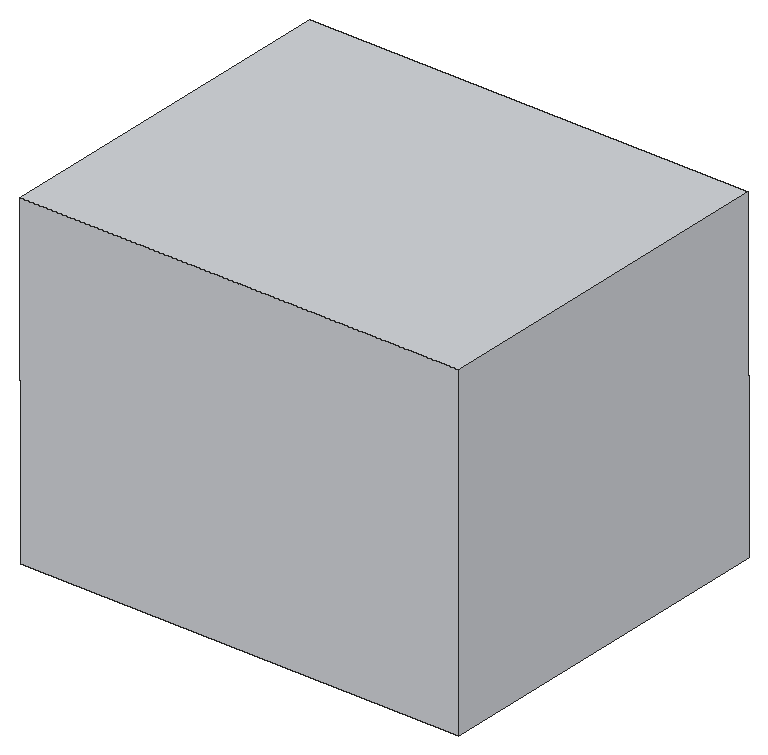
Revit family
Parameters
  Warranty Duration (Years) = 0
  Unit Width [instance] = 4' - 8"
  Unit Height [instance] = 0' - 0"
  Unit Depth = 0' - 0"
  URL = "http://www.americanspecialties.com/viewCategories.cfm"
  Trim Material = Metal - Stainless Steel
  Test Data = ""
  Specification = "http://www.arcat.com/sdspecs/htm/10810asi.htm"
  SpecWizard = ""
  Send Message = "http://www.arcat.com/users.pl?action=UserEmail&company=American%20Specialties,%20Inc.&coid=30448&rep=139&fax=914-476-0688&mf="
  Sales Information = "http://www.americanspecialties.com/contact"
  Revision = "R1_10-2010"
  Product Properties = "http://www.americanspecialties.com/datasheets/13071.pdf"
  Product Data = "http://www.arcat.com/arcatcos/cos30/arc30448.html"
  Model = "As Specified in 10 28 13"
  Manufacturer Website = "http://www.americanspecialties.com/viewCategories.cfm"
  Manufacturer Phone - Toll Free = ""
  Manufacturer Phone = "914-476-9000 "
  Manufacturer Fax = "914-476-0688"
  Manufacturer Address = "441 Saw Mill River Rd., Yonkers, NY 10701"
  Manufacturer = "American Specialties, Inc."
  Maintenance Schedule (Months) = 0
  Keynote = "10 28 13"
  Installation-Fabrication = "http://www.americanspecialties.com/products.cfm"
  HOOK [instance] = Unit Width / 0' 10"  # 6
  Green Building-LEED = ""
  Expected Lifespan (Years) = 0
  Drawn By = "Robert S. Weygant. CSI, CDT, SCIP"  # constant formula
  Description = "Toilet Accessory as Specified in 10 28 13"
  Default Elevation = 4' - 0"
  Copyright = "©Arcat Inc."
  Construction Details = "http://www.arcat.com/green/clients/leed_data_30448.html"
  Building Codes = "http://www.americanspecialties.com/products.cfm"
  Body Material = Metal - Stainless Steel
  Assembly Code = "C1030210"
Reference planes (in)
  plane 1 "Center (Front/Back)": y = -0.29112
  plane 2 "Floor Line": z = 0
  plane 3 "Center (Left/Right)": x = -0.65843
Forms (in)
  Extrusion 1, solid
    sketch origin (-3, -9, -6) x (0, 0, -1) y (1, 0, 0)
      loop
        line (-82, 70.90407) -> (-82, -30.68952) -> (-6, -30.68952) -> (-6, 70.90407) -> (-82, 70.90407)
    from 21.22862 to -62.75334
  Extrusion 2, solid, material "Metal - Stainless Steel" <- "Body Material"
    sketch origin (13.87847, 0, 0) x (0, 1, 0) y (0, 0, 1)
      loop
        line (1.70888, 0.5) -> (-2.29112, 0.5) -> (-2.29112, 0) -> (-2.22862, 0) -> (-2.22862, 0.4375) -> (1.64638, 0.4375) -> (1.64638, 0) -> (1.70888, 0) -> (1.70888, 0.5)
    from 41.4631 to -14.5369
  Extrusion 3, solid, material "Metal - Stainless Steel" <- "Body Material"
    sketch origin (-1.72093, -6.85117, 20.32125) x (0, -1, 0) y (0, 0, 1)
      loop
        line (-12.93505, -18.82102) -> (-11.32924, -18.82102) -> (-10.07896, -19.82125) -> (-5.08481, -19.82125)
        arc (-5.08481, -19.82125) -> (-3.99168, -19.48705) -> (-3.27232, -18.59873) r 1.95484
        arc (-3.27232, -18.59873) -> (-3.35658, -18.10216) -> (-3.64071, -17.6863) r 1.17688
        line (-3.64071, -17.6863) -> (-3.94, -17.63352)
        arc (-3.94, -17.63352) -> (-4.08481, -17.73492) -> (-3.98341, -17.87972) r 0.125
        line (-3.98341, -17.87972) -> (-3.7626, -17.91866)
        arc (-3.7626, -17.91866) -> (-3.58307, -18.20925) -> (-3.52099, -18.54513) r 0.92688
        arc (-3.52099, -18.54513) -> (-4.14966, -19.29166) -> (-5.08481, -19.57102) r 1.70484
        line (-5.08481, -19.57102) -> (-9.99154, -19.57102) -> (-11.24154, -18.57102) -> (-12.93505, -18.57102)
        arc (-12.93505, -18.57102) -> (-13.06005, -18.69602) -> (-12.93505, -18.82102) r 0.125
    from -3.625 to -4.5
  Extrusion 4, solid, material "Metal - Stainless Steel" <- "Trim Material"
    sketch origin (0, 0, 0) x (1, 0, 0) y (0, 1, 0)
      loop
        circle (-0.03343, -0.29112) r 0.21875
      loop
        circle (54.71657, -0.29112) r 0.21875
    from 0.51695 to 0.4375
  Extrusion 5, solid, material "Metal - Stainless Steel" <- "Trim Material"
    sketch origin (0, 0, 0) x (1, 0, 0) y (0, 1, 0)
      loop
        circle (18.28948, -0.29112) r 0.21875
      loop
        circle (36.39365, -0.29112) r 0.21875
    from 0.51695 to 0.4375
  Extrusion 6, solid, material "Metal - Stainless Steel" <- "Trim Material"
    sketch origin (0, 0, 0) x (1, 0, 0) y (0, 1, 0)
      loop
        circle (2.34157, -0.57886) r 0.21875
      loop
        circle (2.34157, 1.42114) r 0.21875
    from 0.75022 to 0.5
  Extrusion 7, solid, material "Metal - Stainless Steel" <- "Body Material"
    sketch origin (8.27907, -6.85117, 20.32125) x (0, -1, 0) y (0, 0, 1)
      loop
        line (-12.93505, -18.82102) -> (-11.32924, -18.82102) -> (-10.07896, -19.82125) -> (-5.08481, -19.82125)
        arc (-5.08481, -19.82125) -> (-3.99168, -19.48705) -> (-3.27232, -18.59873) r 1.95484
        arc (-3.27232, -18.59873) -> (-3.35658, -18.10216) -> (-3.64071, -17.6863) r 1.17688
        line (-3.64071, -17.6863) -> (-3.94, -17.63352)
        arc (-3.94, -17.63352) -> (-4.08481, -17.73492) -> (-3.98341, -17.87972) r 0.125
        line (-3.98341, -17.87972) -> (-3.7626, -17.91866)
        arc (-3.7626, -17.91866) -> (-3.58307, -18.20925) -> (-3.52099, -18.54513) r 0.92688
        arc (-3.52099, -18.54513) -> (-4.14966, -19.29166) -> (-5.08481, -19.57102) r 1.70484
        line (-5.08481, -19.57102) -> (-9.99154, -19.57102) -> (-11.24154, -18.57102) -> (-12.93505, -18.57102)
        arc (-12.93505, -18.57102) -> (-13.06005, -18.69602) -> (-12.93505, -18.82102) r 0.125
    from -3.625 to -4.5
  Extrusion 8, solid, material "Metal - Stainless Steel" <- "Trim Material"
    sketch origin (10, 0, 0) x (1, 0, 0) y (0, 1, 0)
      loop
        circle (2.34157, -0.57886) r 0.21875
      loop
        circle (2.34157, 1.42114) r 0.21875
    from 0.75022 to 0.5
  Extrusion 9, solid, material "Metal - Stainless Steel" <- "Body Material"
    sketch origin (18.27907, -6.85117, 20.32125) x (0, -1, 0) y (0, 0, 1)
      loop
        line (-12.93505, -18.82102) -> (-11.32924, -18.82102) -> (-10.07896, -19.82125) -> (-5.08481, -19.82125)
        arc (-5.08481, -19.82125) -> (-3.99168, -19.48705) -> (-3.27232, -18.59873) r 1.95484
        arc (-3.27232, -18.59873) -> (-3.35658, -18.10216) -> (-3.64071, -17.6863) r 1.17688
        line (-3.64071, -17.6863) -> (-3.94, -17.63352)
        arc (-3.94, -17.63352) -> (-4.08481, -17.73492) -> (-3.98341, -17.87972) r 0.125
        line (-3.98341, -17.87972) -> (-3.7626, -17.91866)
        arc (-3.7626, -17.91866) -> (-3.58307, -18.20925) -> (-3.52099, -18.54513) r 0.92688
        arc (-3.52099, -18.54513) -> (-4.14966, -19.29166) -> (-5.08481, -19.57102) r 1.70484
        line (-5.08481, -19.57102) -> (-9.99154, -19.57102) -> (-11.24154, -18.57102) -> (-12.93505, -18.57102)
        arc (-12.93505, -18.57102) -> (-13.06005, -18.69602) -> (-12.93505, -18.82102) r 0.125
    from -3.625 to -4.5
  Extrusion 10, solid, material "Metal - Stainless Steel" <- "Trim Material"
    sketch origin (20, 0, 0) x (1, 0, 0) y (0, 1, 0)
      loop
        circle (2.34157, -0.57886) r 0.21875
      loop
        circle (2.34157, 1.42114) r 0.21875
    from 0.75022 to 0.5
  Extrusion 11, solid, material "Metal - Stainless Steel" <- "Body Material"
    sketch origin (28.27907, -6.85117, 20.32125) x (0, -1, 0) y (0, 0, 1)
      loop
        line (-12.93505, -18.82102) -> (-11.32924, -18.82102) -> (-10.07896, -19.82125) -> (-5.08481, -19.82125)
        arc (-5.08481, -19.82125) -> (-3.99168, -19.48705) -> (-3.27232, -18.59873) r 1.95484
        arc (-3.27232, -18.59873) -> (-3.35658, -18.10216) -> (-3.64071, -17.6863) r 1.17688
        line (-3.64071, -17.6863) -> (-3.94, -17.63352)
        arc (-3.94, -17.63352) -> (-4.08481, -17.73492) -> (-3.98341, -17.87972) r 0.125
        line (-3.98341, -17.87972) -> (-3.7626, -17.91866)
        arc (-3.7626, -17.91866) -> (-3.58307, -18.20925) -> (-3.52099, -18.54513) r 0.92688
        arc (-3.52099, -18.54513) -> (-4.14966, -19.29166) -> (-5.08481, -19.57102) r 1.70484
        line (-5.08481, -19.57102) -> (-9.99154, -19.57102) -> (-11.24154, -18.57102) -> (-12.93505, -18.57102)
        arc (-12.93505, -18.57102) -> (-13.06005, -18.69602) -> (-12.93505, -18.82102) r 0.125
    from -3.625 to -4.5
  Extrusion 12, solid, material "Metal - Stainless Steel" <- "Trim Material"
    sketch origin (30, 0, 0) x (1, 0, 0) y (0, 1, 0)
      loop
        circle (2.34157, -0.57886) r 0.21875
      loop
        circle (2.34157, 1.42114) r 0.21875
    from 0.75022 to 0.5
  Extrusion 13, solid, material "Metal - Stainless Steel" <- "Body Material"
    sketch origin (38.27907, -6.85117, 20.32125) x (0, -1, 0) y (0, 0, 1)
      loop
        line (-12.93505, -18.82102) -> (-11.32924, -18.82102) -> (-10.07896, -19.82125) -> (-5.08481, -19.82125)
        arc (-5.08481, -19.82125) -> (-3.99168, -19.48705) -> (-3.27232, -18.59873) r 1.95484
        arc (-3.27232, -18.59873) -> (-3.35658, -18.10216) -> (-3.64071, -17.6863) r 1.17688
        line (-3.64071, -17.6863) -> (-3.94, -17.63352)
        arc (-3.94, -17.63352) -> (-4.08481, -17.73492) -> (-3.98341, -17.87972) r 0.125
        line (-3.98341, -17.87972) -> (-3.7626, -17.91866)
        arc (-3.7626, -17.91866) -> (-3.58307, -18.20925) -> (-3.52099, -18.54513) r 0.92688
        arc (-3.52099, -18.54513) -> (-4.14966, -19.29166) -> (-5.08481, -19.57102) r 1.70484
        line (-5.08481, -19.57102) -> (-9.99154, -19.57102) -> (-11.24154, -18.57102) -> (-12.93505, -18.57102)
        arc (-12.93505, -18.57102) -> (-13.06005, -18.69602) -> (-12.93505, -18.82102) r 0.125
    from -3.625 to -4.5
  Extrusion 14, solid, material "Metal - Stainless Steel" <- "Trim Material"
    sketch origin (40, 0, 0) x (1, 0, 0) y (0, 1, 0)
      loop
        circle (2.34157, -0.57886) r 0.21875
      loop
        circle (2.34157, 1.42114) r 0.21875
    from 0.75022 to 0.5
  Extrusion 15, solid, material "Metal - Stainless Steel" <- "Body Material"
    sketch origin (48.27907, -6.85117, 20.32125) x (0, -1, 0) y (0, 0, 1)
      loop
        line (-12.93505, -18.82102) -> (-11.32924, -18.82102) -> (-10.07896, -19.82125) -> (-5.08481, -19.82125)
        arc (-5.08481, -19.82125) -> (-3.99168, -19.48705) -> (-3.27232, -18.59873) r 1.95484
        arc (-3.27232, -18.59873) -> (-3.35658, -18.10216) -> (-3.64071, -17.6863) r 1.17688
        line (-3.64071, -17.6863) -> (-3.94, -17.63352)
        arc (-3.94, -17.63352) -> (-4.08481, -17.73492) -> (-3.98341, -17.87972) r 0.125
        line (-3.98341, -17.87972) -> (-3.7626, -17.91866)
        arc (-3.7626, -17.91866) -> (-3.58307, -18.20925) -> (-3.52099, -18.54513) r 0.92688
        arc (-3.52099, -18.54513) -> (-4.14966, -19.29166) -> (-5.08481, -19.57102) r 1.70484
        line (-5.08481, -19.57102) -> (-9.99154, -19.57102) -> (-11.24154, -18.57102) -> (-12.93505, -18.57102)
        arc (-12.93505, -18.57102) -> (-13.06005, -18.69602) -> (-12.93505, -18.82102) r 0.125
    from -3.625 to -4.5
  Extrusion 16, solid, material "Metal - Stainless Steel" <- "Trim Material"
    sketch origin (50, 0, 0) x (1, 0, 0) y (0, 1, 0)
      loop
        circle (2.34157, -0.57886) r 0.21875
      loop
        circle (2.34157, 1.42114) r 0.21875
    from 0.75022 to 0.5
Dimensions and locks (in)
  "Unit Width": Extrusion 2 to Extrusion 2
  locked: Extrusion 2 to Extrusion 3 at 2.5625
  equal spacing: Extrusion 4, Extrusion 5 sketch curve, Extrusion 5 sketch curve, Extrusion 4
  locked: Extrusion 4 sketch curve to Extrusion 2 at 0.625
  locked: Extrusion 2 to Extrusion 4 sketch curve at 0.625
  equal spacing: group 1, group 2, group 3, group 4, group 5, group 6  (x3)
  aligned and locked: Extrusion 1 to level
  aligned and locked: Extrusion 2 to plane 3 "Center (Left/Right)"
  aligned and locked: Extrusion 3 to Extrusion 6  (x2)
  aligned and locked: Extrusion 7 to Extrusion 8  (x2)
  aligned and locked: Extrusion 9 to Extrusion 10  (x2)
  aligned and locked: Extrusion 11 to Extrusion 12  (x2)
  aligned and locked: Extrusion 13 to Extrusion 14  (x2)
  aligned and locked: Extrusion 15 to Extrusion 16  (x2)
Automatic sketch dimensions
  Extrusion 1 sketch curve to Extrusion 1 sketch curve = 6' - 4"
  Extrusion 1 sketch curve to Extrusion 1 sketch curve = 8' - 5.59358"
  Extrusion 2 sketch curve to level = 0' - 0"  (x2)
  level to Extrusion 2 sketch curve = 0' - 0 1/2"
  plane 1 "Center (Front/Back)" to Extrusion 2 sketch curve = 0' - 2"
  Extrusion 2 sketch curve to Extrusion 2 sketch curve = 0' - 0 1/16"  (x3)
  Extrusion 2 sketch curve to plane 1 "Center (Front/Back)" = 0' - 1 15/16"
  Extrusion 3 sketch curve to Extrusion 3 sketch curve = 0' - 0"  (x5)
  Extrusion 3 sketch curve to Extrusion 3 sketch curve = 0' - 1.60581"
  Extrusion 3 sketch curve to Extrusion 3 sketch curve = 0' - 0.0877"
  Extrusion 3 sketch curve to Extrusion 3 sketch curve = 0' - 1.25028"
  Extrusion 3 sketch curve to Extrusion 3 sketch curve = 0' - 0.08742"
  Extrusion 3 sketch curve to Extrusion 3 sketch curve = 0' - 0.63694"
  Extrusion 3 sketch curve to Extrusion 3 sketch curve = 0' - 0.46445"
  Extrusion 3 sketch curve to Extrusion 3 sketch curve = 0' - 0.02171"  (x2)
  Extrusion 3 sketch curve to Extrusion 3 sketch curve = 0' - 0.22082"
  Extrusion 3 sketch curve to Extrusion 3 sketch curve = 0' - 0.12189"
  Extrusion 3 sketch curve to Extrusion 3 sketch curve = 0' - 0.24161"
  Extrusion 3 sketch curve to Extrusion 3 sketch curve = 0' - 0.24867"
  Extrusion 3 sketch curve to Extrusion 3 sketch curve = 0' - 0 1/8"
  Extrusion 3 sketch curve to Extrusion 3 sketch curve = 0' - 0.0536"
  Extrusion 3 sketch curve to Extrusion 3 sketch curve = 0' - 0.00236"
  Extrusion 3 sketch curve to Extrusion 3 sketch curve = 0' - 0.03894"
  Extrusion 3 sketch curve to Extrusion 3 sketch curve = 0' - 0.1231"
  Extrusion 4 sketch curve to plane 1 "Center (Front/Back)" = 0' - 0"  (x2)
  Extrusion 5 sketch curve to plane 1 "Center (Front/Back)" = 0' - 0"  (x2)
  Extrusion 6 sketch curve to Extrusion 6 sketch curve = 0' - 0"
  Extrusion 3 sketch curve to Extrusion 3 sketch curve = 0' - 4.90674"
  Extrusion 3 sketch curve to Extrusion 3 sketch curve = 0' - 0.25022"
  Extrusion 3 sketch curve to Extrusion 3 sketch curve = 0' - 0 3/4"
  Extrusion 3 sketch curve to Extrusion 3 sketch curve = 0' - 0.97229"
  Extrusion 6 sketch curve to Extrusion 6 sketch curve = 0' - 2"
  Extrusion 7 sketch curve to Extrusion 7 sketch curve = 0' - 0"  (x5)
  Extrusion 7 sketch curve to Extrusion 7 sketch curve = 0' - 1.60581"
  Extrusion 7 sketch curve to Extrusion 7 sketch curve = 0' - 0.0877"
  Extrusion 7 sketch curve to Extrusion 7 sketch curve = 0' - 1.25028"
  Extrusion 7 sketch curve to Extrusion 7 sketch curve = 0' - 0.08742"
  Extrusion 7 sketch curve to Extrusion 7 sketch curve = 0' - 0.63694"
  Extrusion 7 sketch curve to Extrusion 7 sketch curve = 0' - 0.46445"
  Extrusion 7 sketch curve to Extrusion 7 sketch curve = 0' - 0.02171"  (x2)
  Extrusion 7 sketch curve to Extrusion 7 sketch curve = 0' - 0.22082"
  Extrusion 7 sketch curve to Extrusion 7 sketch curve = 0' - 0.12189"
  Extrusion 7 sketch curve to Extrusion 7 sketch curve = 0' - 0.24161"
  Extrusion 7 sketch curve to Extrusion 7 sketch curve = 0' - 0.24867"
  Extrusion 7 sketch curve to Extrusion 7 sketch curve = 0' - 0 1/8"
  Extrusion 7 sketch curve to Extrusion 7 sketch curve = 0' - 0.0536"
  Extrusion 7 sketch curve to Extrusion 7 sketch curve = 0' - 0.00236"
  Extrusion 7 sketch curve to Extrusion 7 sketch curve = 0' - 0.03894"
  Extrusion 7 sketch curve to Extrusion 7 sketch curve = 0' - 0.1231"
  Extrusion 8 sketch curve to Extrusion 8 sketch curve = 0' - 0"
  Extrusion 7 sketch curve to Extrusion 7 sketch curve = 0' - 4.90674"
  Extrusion 7 sketch curve to Extrusion 7 sketch curve = 0' - 0.25022"
  Extrusion 7 sketch curve to Extrusion 7 sketch curve = 0' - 0 3/4"
  Extrusion 7 sketch curve to Extrusion 7 sketch curve = 0' - 0.97229"
  Extrusion 8 sketch curve to Extrusion 8 sketch curve = 0' - 2"
  Extrusion 9 sketch curve to Extrusion 9 sketch curve = 0' - 0"  (x5)
  Extrusion 9 sketch curve to Extrusion 9 sketch curve = 0' - 1.60581"
  Extrusion 9 sketch curve to Extrusion 9 sketch curve = 0' - 0.0877"
  Extrusion 9 sketch curve to Extrusion 9 sketch curve = 0' - 1.25028"
  Extrusion 9 sketch curve to Extrusion 9 sketch curve = 0' - 0.08742"
  Extrusion 9 sketch curve to Extrusion 9 sketch curve = 0' - 0.63694"
  Extrusion 9 sketch curve to Extrusion 9 sketch curve = 0' - 0.46445"
  Extrusion 9 sketch curve to Extrusion 9 sketch curve = 0' - 0.02171"  (x2)
  Extrusion 9 sketch curve to Extrusion 9 sketch curve = 0' - 0.22082"
  Extrusion 9 sketch curve to Extrusion 9 sketch curve = 0' - 0.12189"
  Extrusion 9 sketch curve to Extrusion 9 sketch curve = 0' - 0.24161"
  Extrusion 9 sketch curve to Extrusion 9 sketch curve = 0' - 0.24867"
  Extrusion 9 sketch curve to Extrusion 9 sketch curve = 0' - 0 1/8"
  Extrusion 9 sketch curve to Extrusion 9 sketch curve = 0' - 0.0536"
  Extrusion 9 sketch curve to Extrusion 9 sketch curve = 0' - 0.00236"
  Extrusion 9 sketch curve to Extrusion 9 sketch curve = 0' - 0.03894"
  Extrusion 9 sketch curve to Extrusion 9 sketch curve = 0' - 0.1231"
  Extrusion 10 sketch curve to Extrusion 10 sketch curve = 0' - 0"
  Extrusion 9 sketch curve to Extrusion 9 sketch curve = 0' - 4.90674"
  Extrusion 9 sketch curve to Extrusion 9 sketch curve = 0' - 0.25022"
  Extrusion 9 sketch curve to Extrusion 9 sketch curve = 0' - 0 3/4"
  Extrusion 9 sketch curve to Extrusion 9 sketch curve = 0' - 0.97229"
  Extrusion 10 sketch curve to Extrusion 10 sketch curve = 0' - 2"
  Extrusion 11 sketch curve to Extrusion 11 sketch curve = 0' - 0"  (x5)
  Extrusion 11 sketch curve to Extrusion 11 sketch curve = 0' - 1.60581"
  Extrusion 11 sketch curve to Extrusion 11 sketch curve = 0' - 0.0877"
  Extrusion 11 sketch curve to Extrusion 11 sketch curve = 0' - 1.25028"
  Extrusion 11 sketch curve to Extrusion 11 sketch curve = 0' - 0.08742"
  Extrusion 11 sketch curve to Extrusion 11 sketch curve = 0' - 0.63694"
  Extrusion 11 sketch curve to Extrusion 11 sketch curve = 0' - 0.46445"
  Extrusion 11 sketch curve to Extrusion 11 sketch curve = 0' - 0.02171"  (x2)
  Extrusion 11 sketch curve to Extrusion 11 sketch curve = 0' - 0.22082"
  Extrusion 11 sketch curve to Extrusion 11 sketch curve = 0' - 0.12189"
  Extrusion 11 sketch curve to Extrusion 11 sketch curve = 0' - 0.24161"
  Extrusion 11 sketch curve to Extrusion 11 sketch curve = 0' - 0.24867"
  Extrusion 11 sketch curve to Extrusion 11 sketch curve = 0' - 0 1/8"
  Extrusion 11 sketch curve to Extrusion 11 sketch curve = 0' - 0.0536"
  Extrusion 11 sketch curve to Extrusion 11 sketch curve = 0' - 0.00236"
  Extrusion 11 sketch curve to Extrusion 11 sketch curve = 0' - 0.03894"
  Extrusion 11 sketch curve to Extrusion 11 sketch curve = 0' - 0.1231"
  Extrusion 12 sketch curve to Extrusion 12 sketch curve = 0' - 0"
  Extrusion 11 sketch curve to Extrusion 11 sketch curve = 0' - 4.90674"
  Extrusion 11 sketch curve to Extrusion 11 sketch curve = 0' - 0.25022"
  Extrusion 11 sketch curve to Extrusion 11 sketch curve = 0' - 0 3/4"
  Extrusion 11 sketch curve to Extrusion 11 sketch curve = 0' - 0.97229"
  Extrusion 12 sketch curve to Extrusion 12 sketch curve = 0' - 2"
  Extrusion 13 sketch curve to Extrusion 13 sketch curve = 0' - 0"  (x5)
  Extrusion 13 sketch curve to Extrusion 13 sketch curve = 0' - 1.60581"
  Extrusion 13 sketch curve to Extrusion 13 sketch curve = 0' - 0.0877"
  Extrusion 13 sketch curve to Extrusion 13 sketch curve = 0' - 1.25028"
  Extrusion 13 sketch curve to Extrusion 13 sketch curve = 0' - 0.08742"
  Extrusion 13 sketch curve to Extrusion 13 sketch curve = 0' - 0.63694"
  Extrusion 13 sketch curve to Extrusion 13 sketch curve = 0' - 0.46445"
  Extrusion 13 sketch curve to Extrusion 13 sketch curve = 0' - 0.02171"  (x2)
  Extrusion 13 sketch curve to Extrusion 13 sketch curve = 0' - 0.22082"
  Extrusion 13 sketch curve to Extrusion 13 sketch curve = 0' - 0.12189"
  Extrusion 13 sketch curve to Extrusion 13 sketch curve = 0' - 0.24161"
  Extrusion 13 sketch curve to Extrusion 13 sketch curve = 0' - 0.24867"
  Extrusion 13 sketch curve to Extrusion 13 sketch curve = 0' - 0 1/8"
  Extrusion 13 sketch curve to Extrusion 13 sketch curve = 0' - 0.0536"
  Extrusion 13 sketch curve to Extrusion 13 sketch curve = 0' - 0.00236"
  Extrusion 13 sketch curve to Extrusion 13 sketch curve = 0' - 0.03894"
  Extrusion 13 sketch curve to Extrusion 13 sketch curve = 0' - 0.1231"
  Extrusion 14 sketch curve to Extrusion 14 sketch curve = 0' - 0"
  Extrusion 13 sketch curve to Extrusion 13 sketch curve = 0' - 4.90674"
  Extrusion 13 sketch curve to Extrusion 13 sketch curve = 0' - 0.25022"
  Extrusion 13 sketch curve to Extrusion 13 sketch curve = 0' - 0 3/4"
  Extrusion 13 sketch curve to Extrusion 13 sketch curve = 0' - 0.97229"
  Extrusion 14 sketch curve to Extrusion 14 sketch curve = 0' - 2"
  Extrusion 15 sketch curve to Extrusion 15 sketch curve = 0' - 0"  (x5)
  Extrusion 15 sketch curve to Extrusion 15 sketch curve = 0' - 1.60581"
  Extrusion 15 sketch curve to Extrusion 15 sketch curve = 0' - 0.0877"
  Extrusion 15 sketch curve to Extrusion 15 sketch curve = 0' - 1.25028"
  Extrusion 15 sketch curve to Extrusion 15 sketch curve = 0' - 0.08742"
  Extrusion 15 sketch curve to Extrusion 15 sketch curve = 0' - 0.63694"
  Extrusion 15 sketch curve to Extrusion 15 sketch curve = 0' - 0.46445"
  Extrusion 15 sketch curve to Extrusion 15 sketch curve = 0' - 0.02171"  (x2)
  Extrusion 15 sketch curve to Extrusion 15 sketch curve = 0' - 0.22082"
  Extrusion 15 sketch curve to Extrusion 15 sketch curve = 0' - 0.12189"
  Extrusion 15 sketch curve to Extrusion 15 sketch curve = 0' - 0.24161"
  Extrusion 15 sketch curve to Extrusion 15 sketch curve = 0' - 0.24867"
  Extrusion 15 sketch curve to Extrusion 15 sketch curve = 0' - 0 1/8"
  Extrusion 15 sketch curve to Extrusion 15 sketch curve = 0' - 0.0536"
  Extrusion 15 sketch curve to Extrusion 15 sketch curve = 0' - 0.00236"
  Extrusion 15 sketch curve to Extrusion 15 sketch curve = 0' - 0.03894"
  Extrusion 15 sketch curve to Extrusion 15 sketch curve = 0' - 0.1231"
  Extrusion 16 sketch curve to Extrusion 16 sketch curve = 0' - 0"
  Extrusion 15 sketch curve to Extrusion 15 sketch curve = 0' - 4.90674"
  Extrusion 15 sketch curve to Extrusion 15 sketch curve = 0' - 0.25022"
  Extrusion 15 sketch curve to Extrusion 15 sketch curve = 0' - 0 3/4"
  Extrusion 15 sketch curve to Extrusion 15 sketch curve = 0' - 0.97229"
  Extrusion 16 sketch curve to Extrusion 16 sketch curve = 0' - 2"
  radius of Extrusion 4 sketch curve = 0' - 0 7/32"  (x2)
  radius of Extrusion 5 sketch curve = 0' - 0 7/32"  (x2)
  radius of Extrusion 6 sketch curve = 0' - 0 7/32"  (x2)
  radius of Extrusion 8 sketch curve = 0' - 0 7/32"  (x2)
  radius of Extrusion 10 sketch curve = 0' - 0 7/32"  (x2)
  radius of Extrusion 12 sketch curve = 0' - 0 7/32"  (x2)
  radius of Extrusion 14 sketch curve = 0' - 0 7/32"  (x2)
  radius of Extrusion 16 sketch curve = 0' - 0 7/32"  (x2)
